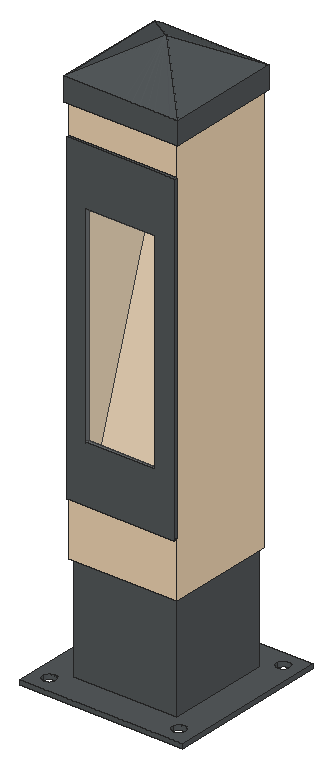
Revit family "Баум", category Осветительные приборы, Revit 2019 (continued)
Types (3, lengths in mm): name | Файл фотометрической сетки | built-in parameter 1150105 | Lumens | built-in parameter 1150106 | built-in parameter 1150142 | Wattage | h_столб низ | h_столб верх | ADSK_Фактическая мощность | ADSK_Размер_Высота | ADSK_Номинальная мощность | ADSK_Наименование | ADSK_Масса_Текст | ADSK_Масса | ADSK_Артикул
    84.3 502.3 504.1 498.6 495.7 486.9 487.1 481.7 477.0 470.0 460.8 458.6 450.7 449.2 441.7 437.9\r\n 431.6 427.6 422.5 414.0 405.0 399.0 392.9 386.3 379.5 371.8 360.8 352.0 347.0 337.9 326.5 316.8 308.5 295.8 278.9 254.2 223.3\r\n 196.0 174.0 155.8 138.2 126.4 112.3 98.9 89.2 75.1 66.1 53.2 40.4 29.7 21.7 11.2 2.9 0.4 0.4 0.4 0.4 0.4 0.4 0.4 0.4 0.4 0.4 0.4\r\n 0.4 0.4 0.4 0.4 0.4 0.4 0.4 0.4 0.4 0.4 0.4 0.4 0.4 0.4 0.4 0.4 0.4 0.4 0.4 0.4 0.4 0.4 0.4 0.4 0.4 0.4 0.4 0.4 0.4 0.4 0.4 0.4\r\n 0.4 0.4 0.4 0.4 0.4 0.4 0.4 0.4 0.4 0.4 0.4 0.4 0.4 0.4 0.4 0.4 0.4 0.4 0.4 0.4 0.4 0.4 0.4 0.4 0.4 0.4 0.4 0.4 0.4 0.4 0.4 0.4\r\n 0.4 0.4 0.4 0.4 0.4 0.4 0.4 0.4 0.4 0.2 0.2 0.2 0.0 0.0 0.0 0.0 0.0 0.0 0.0\r\n0.0 0.0 0.4 0.4 0.4 0.2 0.2 0.4 0.4 0.6 0.6 0.4 0.4 0.4 0.4 0.4 0.4 0.6 1.5 13.4 48.1 130.1 186.1 238.2 274.7 302.8 337.9 366.5\r\n 397.9 425.2 464.1 503.4 554.2 570.4 570.6 566.1 563.2 559.4 554.6 551.1 545.0 543.0 538.4 533.1 531.3 522.1 524.7 517.9 512.0\r\n 505.2 497.5 492.2 486.9 482.1 472.0 463.7 455.1 446.1 436.8 429.2 420.2 408.9 399.3 388.5 381.4 370.2 355.1 332.0 298.6 262.4\r\n 230.1 208.7 187.0 168.3 155.1 133.6 120.6 106.6 92.1 78.7 68.8 54.5 42.6 32.3 22.4 9.7 1.8 0.4 0.4 0.4 0.4 0.4 0.4 0.4 0.4 0.4\r\n 0.4 0.4 0.4 0.4 0.4 0.4 0.4 0.4 0.4 0.4 0.4 0.4 0.4 0.4 0.4 0.4 0.4 0.4 0.4 0.4 0.4 0.4 0.4 0.4 0.4 0.4 0.4 0.4 0.4 0.4 0.4 0.4\r\n 0.4 0.4 0.4 0.4 0.4 0.4 0.4 0.4 0.4 0.4 0.4 0.4 0.4 0.4 0.4 0.4 0.4 0.4 0.4 0.4 0.4 0.4 0.4 0.4 0.4 0.4 0.4 0.4 0.4 0.4 0.4 0.4\r\n 0.4 0.4 0.4 0.4 0.4 0.4 0.4 0.4 0.4 0.4 0.4 0.2 0.2 0.2 0.0 0.0 0.0 0.0 0.0 0.0 0.0\r\n0.0 0.0 0.4 0.4 0.4 0.2 0.2 0.4 0.4 0.6 0.6 0.4 0.4 0.4 0.4 0.4 0.4 1.5 11.2 58.4 134.9 213.2 265.2 303.0 338.0 368.3 407.6 450.0\r\n 488.9 523.4 579.0 604.3 619.2 619.7 615.1 605.1 607.1 603.2 600.5 601.8 598.4 595.0 588.9 583.2 579.4 580.1 572.6 569.6 562.7\r\n 554.4 552.6 543.4 536.2 526.0 517.0 512.2 501.9 492.0 483.6 472.2 461.0 451.3 441.9 430.9 418.2 399.5 374.0 330.7 283.4 250.7\r\n 233.6 208.7 193.4 174.7 157.5 142.0 128.5 111.4 95.6 83.5 64.6 49.7 37.8 29.4 17.8 4.8 0.4 0.4 0.4 0.4 0.4 0.4 0.4 0.4 0.4 0.4\r\n 0.4 0.4 0.4 0.4 0.4 0.4 0.4 0.4 0.4 0.4 0.4 0.4 0.4 0.4 0.4 0.4 0.4 0.4 0.4 0.4 0.4 0.4 0.4 0.4 0.4 0.4 0.4 0.4 0.4 0.4 0.4 0.4\r\n 0.4 0.4 0.4 0.4 0.4 0.4 0.4 0.4 0.4 0.4 0.4 0.4 0.4 0.4 0.4 0.4 0.4 0.4 0.4 0.4 0.4 0.4 0.4 0.4 0.4 0.4 0.4 0.4 0.4 0.4 0.4 0.4\r\n 0.4 0.4 0.4 0.4 0.4 0.4 0.4 0.4 0.4 0.4 0.4 0.2 0.2 0.2 0.0 0.0 0.0 0.0 0.0 0.0 0.0\r\n0.0 0.0 0.4 0.4 0.4 0.2 0.2 0.4 0.4 0.6 0.6 0.4 0.4 0.4 0.4 0.4 0.9 9.5 50.5 143.1 226.8 280.2 316.9 352.5 385.9 428.5 480.6 531.8\r\n 591.7 644.9 678.5 676.4 679.6 678.6 675.3 682.1 681.8 673.7 670.6 669.1 662.5 660.7 655.0 649.7 642.3 637.5 626.3 620.1 614.0\r\n 608.9 604.9 594.2 584.5 576.8 568.7 558.4 547.2 539.5 531.1 518.1 507.4 494.9 480.6 467.6 445.9 412.4 367.6 319.3 289.0 265.4\r\n 243.3 224.6 208.8 187.6 170.9 159.5 140.2 124.6 109.7 91.8 69.2 56.0 41.3 30.3 16.1 2.0 0.6 0.4 0.4 0.4 0.4 0.4 0.4 0.4 0.4 0.4\r\n 0.4 0.4 0.4 0.4 0.4 0.4 0.4 0.4 0.4 0.4 0.4 0.4 0.4 0.4 0.4 0.4 0.4 0.4 0.4 0.4 0.4 0.4 0.4 0.4 0.4 0.4 0.4 0.4 0.4 0.4 0.4 0.4\r\n 0.4 0.4 0.4 0.4 0.4 0.4 0.4 0.4 0.4 0.4 0.4 0.4 0.4 0.4 0.4 0.4 0.4 0.4 0.4 0.4 0.4 0.4 0.4 0.4 0.4 0.4 0.4 0.4 0.4 0.4 0.4 0.4\r\n 0.4 0.4 0.4 0.4 0.4 0.4 0.4 0.4 0.4 0.4 0.4 0.2 0.2 0.2 0.0 0.0 0.0 0.0 0.0 0.0 0.0\r\n0.0 0.0 0.6 0.4 0.4 0.2 0.2 0.4 0.4 0.6 0.6 0.6 0.4 0.4 0.4 0.6 5.7 38.9 123.3 218.2 287.9 337.7 372.2 412.7 465.9 519.5 579.2\r\n 645.2 717.0 731.7 742.7 743.1 741.6 738.7 733.2 735.9 726.4 726.7 721.8 711.9 704.5 694.4 691.5 688.7 688.0 675.3 670.2 659.0\r\n 653.5 649.1 636.3 629.6 625.2 614.0 607.6 597.5 590.0 577.0 564.9 553.3 541.2 527.2 511.3 484.5 445.2 396.8 350.5 323.5 299.7\r\n 272.7 253.6 238.0 215.8 195.6 182.6 164.8 142.4 127.2 110.5 90.1 69.5 54.0 39.8 24.8 9.5 0.9 0.4 0.4 0.4 0.4 0.4 0.4 0.4 0.4 0.4\r\n 0.4 0.4 0.4 0.4 0.4 0.4 0.4 0.4 0.4 0.4 0.4 0.4 0.4 0.4 0.4 0.4 0.4 0.4 0.4 0.4 0.4 0.4 0.4 0.4 0.4 0.4 0.4 0.4 0.4 0.4 0.4 0.4\r\n 0.4 0.4 0.4 0.4 0.4 0.4 0.4 0.4 0.4 0.4 0.4 0.4 0.4 0.4 0.4 0.4 0.4 0.4 0.4 0.4 0.4 0.4 0.4 0.4 0.4 0.4 0.4 0.4 0.4 0.4 0.4 0.4\r\n 0.4 0.4 0.4 0.4 0.4 0.4 0.4 0.4 0.4 0.4 0.4 0.4 0.2 0.2 0.2 0.0 0.0 0.0 0.0 0.0 0.0 0.0\r\n0.0 0.0 0.6 0.4 0.4 0.2 0.2 0.4 0.4 0.6 0.6 0.6 0.4 0.4 0.4 1.5 26.4 96.5 196.9 278.2 337.1 388.3 438.8 492.4 560.1 612.2 703.4\r\n 782.3 810.6 813.7 810.0 806.6 798.5 792.4 794.8 779.8 780.3 766.7 761.0 764.4 759.0 755.2 747.5 740.7 725.8 726.2 721.4 718.1\r\n 712.4 694.1 686.0 673.9 664.5 657.9 647.6 640.8 628.4 614.2 607.6 597.0 584.7 563.0 534.8 486.9 443.0 401.3 368.9 341.9 313.6\r\n 293.3 272.2 246.6 221.9 203.7 190.9 169.4 156.0 138.2 116.9 94.3 78.9 64.6 47.2 24.4 6.6 0.4 0.4 0.4 0.4 0.4 0.4 0.4 0.4 0.4 0.4\r\n 0.4 0.4 0.4 0.4 0.4 0.4 0.4 0.4 0.4 0.4 0.4 0.4 0.4 0.4 0.4 0.4 0.4 0.4 0.4 0.4 0.4 0.4 0.4 0.4 0.4 0.4 0.4 0.4 0.4 0.4 0.4 0.4\r\n 0.4 0.4 0.4 0.4 0.4 0.4 0.4 0.4 0.4 0.4 0.4 0.4 0.6 0.4 0.4 0.4 0.4 0.4 0.4 0.4 0.4 0.4 0.4 0.4 0.4 0.4 0.4 0.4 0.4 0.4 0.4 0.4\r\n 0.4 0.4 0.4 0.4 0.4 0.4 0.4 0.4 0.4 0.4 0.4 0.4 0.2 0.2 0.2 0.0 0.0 0.0 0.2 0.0 0.0 0.0\r\n0.0 0.0 0.6 0.4 0.4 0.4 0.2 0.4 0.4 0.6 0.6 0.6 0.6 0.4 0.7 7.7 71.0 168.5 261.7 326.3 385.6 438.8 507.2 586.5 653.5 749.1 831.1\r\n 867.8 870.6 868.6 867.5 860.3 855.7 855.0 846.9 843.4 835.0 831.9 830.4 822.2 821.8 815.2 810.8 801.8 794.8 787.1 784.0 766.0\r\n 759.2 756.1 747.7 743.1 733.5 718.8 707.5 691.1 680.3 672.0 662.3 646.0 626.9 602.1 552.8 502.7 455.7 425.0 405.8 371.6 341.7\r\n 324.3 294.0 270.5 250.7 228.3 205.7 183.1 169.2 146.6 123.1 101.7 82.2 68.8 44.6 18.0 2.7 0.6 0.4 0.4 0.4 0.4 0.4 0.4 0.4 0.4 0.4\r\n 0.4 0.4 0.4 0.4 0.4 0.4 0.4 0.4 0.4 0.4 0.4 0.4 0.4 0.4 0.4 0.4 0.4 0.4 0.4 0.4 0.4 0.4 0.4 0.4 0.4 0.4 0.4 0.4 0.4 0.4 0.4 0.4\r\n 0.4 0.4 0.4 0.4 0.4 0.4 0.4 0.4 0.4 0.4 0.4 0.4 0.4 0.6 0.4 0.4 0.4 0.4 0.4 0.4 0.4 0.4 0.4 0.4 0.4 0.4 0.4 0.4 0.4 0.4 0.4 0.4\r\n 0.4 0.4 0.4 0.4 0.4 0.4 0.4 0.4 0.4 0.4 0.4 0.4 0.2 0.2 0.2 0.0 0.0 0.0 0.2 0.0 0.0 0.0\r\n0.0 0.0 0.6 0.4 0.4 0.4 0.4 0.4 0.4 0.6 0.6 0.6 0.6 0.6 2.9 31.4 129.7 234.2 310.5 368.7 428.1 497.1 583.6 661.9 756.5 878.5 923.6\r\n 927.7 931.0 931.2 924.6 923.3 924.4 919.6 920.9 918.0 913.4 909.3 900.1 897.9 892.3 886.9 880.1 878.9 872.1 869.1 854.6 844.7\r\n 841.2 833.0 826.2 814.3 800.9 796.5 783.6 779.2 771.5 757.9 743.6 722.0 690.0 644.0 599.6 543.9 511.6 479.2 444.3 422.3 402.6\r\n 378.0 346.7 322.6 301.9 274.2 252.9 230.3 205.9 177.3 144.1 117.4 93.6 71.6 43.1 13.6 2.6 0.4 0.4 0.4 0.4 0.4 0.4 0.4 0.4 0.4 0.4\r\n 0.4 0.4 0.4 0.4 0.4 0.4 0.4 0.4 0.4 0.4 0.4 0.4 0.4 0.4 0.4 0.4 0.4 0.4 0.4 0.4 0.4 0.4 0.4 0.4 0.4 0.4 0.4 0.4 0.4 0.4 0.4 0.4\r\n 0.4 0.4 0.4 0.4 0.4 0.4 0.4 0.4 0.4 0.4 0.4 0.4 0.4 0.4 0.4 0.4 0.4 0.4 0.4 0.4 0.4 0.4 0.4 0.4 0.4 0.4 0.4 0.4 0.4 0.4 0.4 0.4\r\n 0.4 0.4 0.4 0.4 0.4 0.4 0.4 0.4 0.4 0.4 0.4 0.4 0.2 0.2 0.2 0.0 0.0 0.0 0.2 0.0 0.0 0.0\r\n0.0 0.0 0.6 0.4 0.4 0.4 0.4 0.4 0.4 0.6 0.6 0.6 0.6 0.6 9.9 77.3 191.6 284.8 349.4 411.1 478.4 562.7 648.2 736.1 859.4 928.4 945.7\r\n 944.0 945.3 942.0 939.4 940.2 938.5 932.4 924.4 922.2 921.8 917.2 920.2 915.7 908.8 899.4 899.0 889.7 889.0 874.3 874.1 874.8\r\n 864.9 849.9 840.7 836.5 821.8 811.3 806.0 793.0 781.4 766.6 747.8 718.3 674.4 618.5 567.6 534.8 503.2 477.7 446.7 422.1 400.2\r\n 366.5 341.3 325.6 299.9 270.5 250.7 229.9 196.2 168.3 138.0 117.3 100.7 70.1 37.2 4.8 0.6 0.4 0.4 0.4 0.4 0.4 0.4 0.4 0.4 0.4 0.4\r\n 0.4 0.4 0.4 0.4 0.4 0.4 0.4 0.4 0.4 0.4 0.4 0.4 0.4 0.4 0.4 0.4 0.4 0.4 0.4 0.4 0.4 0.4 0.4 0.4 0.4 0.4 0.4 0.4 0.4 0.4 0.4 0.4\r\n 0.4 0.4 0.4 0.4 0.4 0.4 0.4 0.4 0.4 0.4 0.4 0.4 0.4 0.4 0.4 0.4 0.4 0.4 0.4 0.4 0.4 0.4 0.4 0.4 0.4 0.4 0.4 0.4 0.4 0.4 0.4 0.4\r\n 0.4 0.4 0.4 0.4 0.4 0.4 0.4 0.4 0.4 0.4 0.4 0.4 0.2 0.2 0.2 0.0 0.0 0.0 0.2 0.0 0.0 0.0\r\n0.0 0.0 0.6 0.4 0.6 0.4 0.4 0.4 0.4 0.6 0.6 0.6 0.6 0.9 27.2 128.6 246.5 325.4 386.1 453.3 535.1 622.3 701.4 825.3 937.4 953.7\r\n 953.7 957.2 957.0 949.0 950.6 949.0 945.3 944.7 942.7 941.4 939.8 940.3 932.1 922.7 922.2 919.1 908.8 902.9 895.4 903.3 891.9\r\n 875.0 873.0 867.8 856.1 843.8 839.0 828.4 819.2 809.7 793.5 771.5 744.5 699.9 648.0 599.6 561.9 535.5 501.0 470.2 450.3 429.8\r\n 398.0 372.0 349.8 330.9 304.3 272.7 255.5 228.3 193.4 164.1 139.8 118.4 94.3 62.2 30.1 6.6 0.6 0.4 0.4 0.4 0.4 0.4 0.4 0.4 0.4\r\n 0.4 0.4 0.4 0.4 0.4 0.4 0.4 0.4 0.4 0.4 0.4 0.4 0.4 0.4 0.4 0.4 0.4 0.4 0.4 0.4 0.4 0.4 0.4 0.4 0.4 0.4 0.4 0.4 0.4 0.4 0.4 0.4\r\n 0.4 0.4 0.4 0.4 0.4 0.4 0.4 0.4 0.4 0.4 0.4 0.4 0.4 0.4 0.4 0.4 0.4 0.4 0.4 0.4 0.4 0.4 0.4 0.4 0.4 0.4 0.4 0.4 0.4 0.4 0.4 0.4\r\n 0.4 0.4 0.4 0.4 0.4 0.4 0.4 0.4 0.4 0.4 0.4 0.4 0.4 0.4 0.2 0.2 0.2 0.0 0.0 0.0 0.2 0.0 0.0 0.0\r\n0.0 0.0 0.6 0.4 0.6 0.4 0.4 0.4 0.4 0.6 0.6 0.6 0.6 2.6 60.7 176.5 282.4 354.7 419.0 492.9 581.7 661.8 759.2 896.5 950.3 956.9\r\n 954.7 953.9 956.1 952.3 956.1 953.9 951.0 952.5 954.3 949.9 947.1 946.2 941.8 939.1 934.7 926.6 920.9 918.3 912.3 897.8 894.5\r\n 889.0 879.4 867.3 864.2 861.2 849.3 839.0 826.4 813.5 795.9 771.9 720.3 668.4 619.2 579.5 554.8 520.3 490.9 467.2 449.6 417.1\r\n 383.9 368.0 349.1 316.0 289.2 269.0 247.0 218.8 190.7 159.1 133.0 117.1 82.4 47.9 17.8 2.6 0.4 0.4 0.4 0.4 0.4 0.4 0.4 0.4 0.4\r\n 0.4 0.4 0.4 0.4 0.4 0.4 0.4 0.4 0.4 0.4 0.4 0.4 0.4 0.4 0.4 0.4 0.4 0.4 0.4 0.4 0.4 0.4 0.4 0.4 0.4 0.4 0.4 0.4 0.4 0.4 0.4 0.4\r\n 0.4 0.4 0.4 0.4 0.4 0.4 0.4 0.4 0.4 0.4 0.4 0.4 0.4 0.4 0.4 0.4 0.4 0.4 0.4 0.4 0.4 0.4 0.4 0.4 0.4 0.4 0.4 0.4 0.4 0.4 0.4 0.4\r\n 0.4 0.4 0.4 0.4 0.4 0.4 0.4 0.4 0.4 0.4 0.4 0.4 0.4 0.4 0.2 0.2 0.2 0.0 0.0 0.0 0.2 0.0 0.0 0.0\r\n0.0 0.0 0.6 0.4 0.6 0.4 0.4 0.4 0.4 0.6 0.6 0.6 0.6 8.8 104.6 223.7 308.9 376.2 448.7 528.9 612.9 704.3 829.1 935.2 951.4 953.9\r\n 958.5 961.4 963.3 964.4 962.2 961.1 960.2 961.3 953.7 957.4 953.4 950.1 944.9 938.5 934.5 934.8 935.2 927.9 919.6 916.3 904.7\r\n 893.7 893.2 891.2 878.5 866.6 855.0 841.8 831.3 818.5 799.2 762.0 717.6 664.7 616.6 583.0 548.0 521.4 497.9 477.9 455.7 423.2\r\n 394.2 375.3 356.0 319.5 295.6 278.2 252.2 218.6 188.7 156.2 135.1 114.9 88.1 48.6 15.6 1.3 0.4 0.4 0.4 0.4 0.4 0.4 0.4 0.4 0.4\r\n 0.4 0.4 0.4 0.4 0.4 0.4 0.4 0.4 0.4 0.4 0.4 0.4 0.4 0.4 0.4 0.4 0.4 0.4 0.4 0.4 0.4 0.4 0.4 0.4 0.4 0.4 0.4 0.4 0.4 0.4 0.4 0.4\r\n 0.4 0.4 0.4 0.4 0.4 0.4 0.4 0.4 0.4 0.4 0.4 0.4 0.4 0.4 0.4 0.4 0.4 0.4 0.4 0.4 0.4 0.4 0.4 0.4 0.4 0.4 0.4 0.4 0.4 0.4 0.4 0.4\r\n 0.4 0.4 0.4 0.4 0.4 0.4 0.4 0.4 0.4 0.4 0.4 0.4 0.4 0.4 0.2 0.2 0.2 0.0 0.0 0.0 0.2 0.0 0.0 0.0\r\n0.0 0.0 0.6 0.4 0.6 0.4 0.4 0.4 0.4 0.6 0.6 0.6 0.6 25.3 144.1 260.2 336.4 405.6 479.2 562.1 645.4 764.0 896.7 951.9 957.8 958.7\r\n 965.3 965.9 963.5 967.7 961.3 964.0 964.6 960.7 965.5 959.2 954.5 948.2 946.0 942.7 945.5 937.8 926.6 928.0 922.2 914.1 918.0\r\n 909.9 895.7 883.6 877.6 866.7 860.7 857.0 848.8 829.7 793.9 732.6 678.1 632.6 599.0 574.6 545.6 512.4 491.6 475.9 440.8 410.5\r\n 395.5 372.4 342.8 315.3 297.1 278.2 244.3 217.8 182.2 151.0 132.1 100.6 65.3 31.6 8.3 0.9 0.4 0.4 0.4 0.4 0.4 0.4 0.4 0.4 0.4 0.4\r\n 0.4 0.4 0.4 0.4 0.4 0.4 0.4 0.4 0.4 0.4 0.4 0.4 0.4 0.4 0.4 0.4 0.4 0.4 0.4 0.4 0.4 0.4 0.4 0.4 0.4 0.4 0.4 0.4 0.4 0.4 0.4 0.4\r\n 0.4 0.4 0.4 0.4 0.4 0.4 0.4 0.4 0.4 0.4 0.4 0.4 0.4 0.4 0.4 0.4 0.4 0.4 0.4 0.4 0.4 0.4 0.4 0.4 0.4 0.4 0.4 0.4 0.4 0.4 0.4 0.4\r\n 0.4 0.4 0.4 0.4 0.4 0.4 0.4 0.6 0.6 0.4 0.4 0.4 0.4 0.2 0.2 0.2 0.0 0.2 0.2 0.2 0.0 0.0 0.0\r\n0.0 0.0 0.6 0.4 0.6 0.4 0.4 0.4 0.6 0.6 0.6 0.6 0.9 50.8 180.0 287.6 367.2 441.9 517.0 600.1 692.8 828.9 944.4 965.7 971.7 975.4\r\n 972.8 973.9 971.4 970.1 973.2 973.0 972.3 968.1 958.1 961.8 966.4 966.8 961.8 959.1 953.6 958.7 947.7 935.9 929.3 926.9 917.0\r\n 902.7 900.5 894.5 887.1 883.8 871.0 854.5 840.5 806.9 767.5 721.4 670.9 629.6 598.4 565.0 537.3 515.1 499.0 474.6 438.6 408.1\r\n 389.6 371.1 334.7 309.8 294.0 265.0 238.8 205.4 174.7 148.8 133.2 109.7 73.4 31.9 4.2 0.4 0.4 0.4 0.4 0.4 0.4 0.4 0.4 0.4 0.4 0.4\r\n 0.4 0.4 0.4 0.4 0.4 0.4 0.4 0.4 0.4 0.4 0.4 0.4 0.4 0.4 0.4 0.4 0.4 0.4 0.4 0.4 0.4 0.4 0.4 0.4 0.4 0.4 0.4 0.4 0.4 0.4 0.4 0.4\r\n 0.4 0.4 0.4 0.4 0.4 0.4 0.4 0.4 0.4 0.4 0.4 0.4 0.4 0.4 0.4 0.4 0.4 0.4 0.4 0.4 0.4 0.4 0.4 0.4 0.4 0.4 0.4 0.4 0.4 0.4 0.4 0.4\r\n 0.4 0.4 0.4 0.4 0.4 0.4 0.4 0.6 0.6 0.4 0.4 0.4 0.4 0.2 0.2 0.2 0.0 0.2 0.2 0.2 0.0 0.0 0.0\r\n0.0 0.0 0.6 0.4 0.6 0.4 0.4 0.4 0.6 0.6 0.6 0.6 1.6 79.3 212.7 311.8 393.3 466.5 547.4 642.9 749.7 896.1 974.8 982.2 982.4 983.7\r\n 981.1 976.7 976.3 978.1 974.7 971.0 965.3 969.3 975.9 971.7 971.9 970.1 958.7 958.1 951.0 941.1 935.4 933.2 929.5 928.4 917.6\r\n 913.9 910.2 901.4 891.5 878.1 875.0 864.0 844.5 811.1 757.2 703.4 652.0 620.7 598.1 565.2 535.1 510.7 486.3 453.7 423.0 409.4\r\n 393.1 365.9 331.3 315.1 301.5 266.3 232.3 197.5 165.2 146.6 122.0 90.3 55.4 20.5 1.6 0.4 0.4 0.4 0.4 0.4 0.4 0.4 0.4 0.4 0.4 0.4\r\n 0.4 0.4 0.4 0.4 0.4 0.4 0.4 0.4 0.4 0.4 0.4 0.4 0.4 0.4 0.4 0.4 0.4 0.4 0.4 0.4 0.4 0.4 0.4 0.4 0.4 0.4 0.4 0.4 0.4 0.4 0.4 0.4\r\n 0.4 0.4 0.4 0.4 0.4 0.4 0.4 0.4 0.4 0.4 0.4 0.4 0.4 0.4 0.4 0.4 0.4 0.4 0.4 0.4 0.4 0.4 0.6 0.4 0.4 0.4 0.4 0.4 0.4 0.4 0.4 0.4\r\n 0.4 0.4 0.4 0.4 0.6 0.6 0.4 0.6 0.6 0.4 0.4 0.4 0.4 0.2 0.2 0.2 0.2 0.2 0.2 0.2 0.0 0.0 0.0\r\n0.0 0.0 0.6 0.4 0.6 0.4 0.4 0.4 0.6 0.6 0.6 0.6 3.7 111.8 239.3 330.0 406.9 474.8 565.6 662.7 793.0 947.5 986.6 986.0 985.7 982.2\r\n 977.2 979.6 978.7 978.1 975.2 972.1 977.8 974.1 971.5 964.7 954.3 955.6 951.9 951.0 949.5 943.3 944.4 937.4 928.6 925.1 921.1\r\n 915.2 907.9 901.8 899.4 891.2 880.7 861.6 827.8 792.4 743.2 687.3 645.4 613.3 590.9 553.9 526.9 516.8 490.2 454.0 428.9 412.7\r\n 391.1 361.0 336.9 318.0 298.6 261.5 229.9 193.4 165.7 149.2 121.7 92.3 57.4 21.7 2.7 0.4 0.4 0.4 0.4 0.4 0.4 0.4 0.4 0.4 0.4 0.4\r\n 0.4 0.4 0.4 0.4 0.4 0.4 0.4 0.4 0.4 0.4 0.4 0.4 0.4 0.4 0.4 0.4 0.4 0.4 0.4 0.4 0.4 0.4 0.4 0.4 0.4 0.4 0.4 0.4 0.4 0.4 0.4 0.4\r\n 0.4 0.4 0.4 0.4 0.4 0.4 0.4 0.4 0.4 0.4 0.4 0.4 0.4 0.4 0.4 0.4 0.4 0.4 0.4 0.4 0.4 0.4 0.6 0.4 0.4 0.4 0.4 0.4 0.6 0.6 0.4 0.6\r\n 0.6 0.6 0.6 0.6 0.6 0.4 0.4 0.6 0.6 0.4 0.4 0.4 0.4 0.4 0.2 0.2 0.2 0.2 0.2 0.2 0.0 0.0 0.0\r\n0.0 0.0 0.6 0.4 0.6 0.4 0.4 0.4 0.6 0.6 0.6 0.6 8.4 144.8 262.1 341.2 410.2 481.0 583.8 679.4 840.7 966.6 983.3 979.8 978.7 977.4\r\n 981.4 981.4 981.3 978.3 983.3 982.9 983.1 982.6 975.6 977.6 974.7 963.1 959.1 958.7 949.0 945.1 940.3 938.3 936.7 930.8 925.7\r\n 918.0 909.3 904.9 898.5 892.3 879.4 864.5 826.9 773.9 717.9 670.9 640.3 622.3 584.3 555.9 534.6 508.5 483.9 447.0 432.2 420.1\r\n 385.8 352.9 330.3 316.8 285.7 252.7 224.4 190.1 168.1 153.4 122.8 79.3 36.5 9.7 1.6 0.4 0.4 0.4 0.4 0.4 0.4 0.4 0.4 0.4 0.4 0.4\r\n 0.4 0.4 0.4 0.4 0.4 0.4 0.4 0.4 0.4 0.4 0.4 0.4 0.4 0.4 0.4 0.4 0.4 0.4 0.4 0.4 0.4 0.4 0.4 0.4 0.4 0.4 0.4 0.4 0.4 0.4 0.4 0.4\r\n 0.4 0.4 0.4 0.4 0.4 0.4 0.4 0.4 0.4 0.4 0.4 0.4 0.4 0.4 0.4 0.4 0.4 0.4 0.4 0.4 0.4 0.6 0.6 0.6 0.4 0.6 0.4 0.6 0.6 0.6 0.6 0.6\r\n 0.6 0.6 0.6 0.6 0.6 0.6 0.4 0.6 0.6 0.6 0.6 0.4 0.4 0.4 0.2 0.2 0.2 0.2 0.2 0.2 0.0 0.0 0.0\r\n0.0 0.0 0.6 0.4 0.6 0.4 0.4 0.4 0.6 0.7 0.6 0.7 19.4 167.4 280.4 354.7 422.8 502.7 609.5 710.2 887.3 967.1 971.0 971.5 975.4 976.5\r\n 984.2 984.6 987.0 984.9 982.6 981.6 977.0 976.1 973.6 971.0 971.5 969.0 965.9 962.7 963.6 958.7 949.3 940.2 939.1 932.1 926.0\r\n 922.7 918.9 914.5 903.8 891.7 875.7 854.5 813.5 768.0 718.3 666.0 633.0 606.9 574.4 546.1 533.3 515.9 484.1 451.4 430.0 411.3\r\n 384.5 358.6 333.8 315.1 285.0 254.4 227.6 189.2 167.2 145.7 114.0 81.7 42.6 10.5 0.9 0.4 0.4 0.4 0.4 0.4 0.4 0.4 0.4 0.4 0.4 0.4\r\n 0.4 0.4 0.4 0.4 0.4 0.4 0.4 0.4 0.4 0.4 0.4 0.4 0.4 0.4 0.4 0.4 0.4 0.4 0.4 0.4 0.4 0.4 0.4 0.4 0.4 0.4 0.4 0.4 0.4 0.4 0.4 0.4\r\n 0.4 0.4 0.4 0.4 0.4 0.4 0.4 0.4 0.4 0.4 0.4 0.4 0.4 0.4 0.4 0.4 0.4 0.6 0.6 0.6 0.4 0.6 0.6 0.6 0.6 0.6 0.6 0.6 0.6 0.6 0.6 0.6\r\n 0.6 0.6 0.6 0.6 0.6 0.6 0.6 0.6 0.6 0.6 0.6 0.4 0.4 0.4 0.2 0.2 0.2 0.2 0.2 0.2 0.0 0.0 0.0\r\n0.0 0.0 0.6 0.4 0.6 0.4 0.4 0.4 0.6 0.7 0.6 0.7 35.8 179.7 292.2 373.1 450.9 541.7 642.3 741.4 911.9 964.7 962.4 965.1 970.4 974.8\r\n 978.9 981.4 984.8 988.2 987.7 989.5 987.7 992.3 992.1 984.6 980.0 976.7 975.2 965.5 967.0 962.4 957.6 957.0 954.1 944.4 942.7\r\n 935.6 914.6 908.6 906.2 895.6 882.3 855.9 808.6 750.0 696.6 665.8 635.7 606.0 570.4 547.1 533.1 499.3 471.3 446.7 432.9 409.8\r\n 373.5 345.6 328.9 309.8 276.4 246.1 212.3 186.8 167.0 144.2 110.5 70.3 32.1 7.2 1.1 0.4 0.4 0.4 0.4 0.4 0.4 0.4 0.4 0.4 0.4 0.4\r\n 0.4 0.4 0.4 0.4 0.
    4 0.4 0.4 0.4 0.4 0.4 0.4 0.4 0.4 0.4 0.4 0.4 0.4 0.4 0.4 0.4 0.4 0.4 0.4 0.4 0.4 0.4 0.4 0.4 0.4 0.4 0.4 0.4\r\n 0.4 0.4 0.4 0.4 0.4 0.6 0.4 0.4 0.6 0.4 0.4 0.4 0.6 0.4 0.6 0.4 0.6 0.6 0.6 0.6 0.6 0.6 0.6 0.6 0.6 0.6 0.6 0.6 0.6 0.6 0.6 0.6\r\n 0.6 0.6 0.6 0.6 0.6 0.6 0.6 0.6 0.6 0.6 0.6 0.6 0.6 0.4 0.2 0.2 0.2 0.2 0.2 0.2 0.0 0.0 0.0\r\n0.0 0.0 0.6 0.4 0.6 0.4 0.4 0.4 0.6 0.7 0.6 0.7 49.7 190.3 298.8 386.1 468.9 567.6 668.6 781.4 936.5 971.0 972.8 975.8 981.1 980.9\r\n 982.2 988.2 980.0 991.5 990.1 987.9 992.3 984.2 983.7 985.1 982.7 974.7 974.1 972.8 966.0 961.8 963.6 958.7 957.0 945.8 942.0\r\n 941.1 933.9 930.2 921.8 911.7 900.9 859.6 813.9 761.2 708.6 666.5 642.3 610.7 575.1 550.6 534.8 508.0 474.8 448.9 432.4 410.7\r\n 379.5 356.0 340.6 318.6 279.5 250.7 214.3 179.7 160.4 137.5 109.9 69.9 31.6 5.3 0.6 0.6 0.4 0.4 0.4 0.6 0.4 0.4 0.6 0.6 0.4 0.4\r\n 0.4 0.4 0.4 0.4 0.4 0.4 0.4 0.4 0.4 0.4 0.6 0.4 0.4 0.4 0.4 0.4 0.6 0.4 0.4 0.4 0.4 0.6 0.6 0.6 0.6 0.4 0.4 0.6 0.4 0.6 0.6 0.6\r\n 0.6 0.6 0.6 0.6 0.6 0.6 0.6 0.6 0.6 0.6 0.6 0.6 0.6 0.6 0.6 0.6 0.6 0.6 0.6 0.6 0.6 0.6 0.6 0.6 0.6 0.6 0.6 0.6 0.6 0.6 0.6 0.6\r\n 0.6 0.6 0.6 0.6 0.6 0.6 0.6 0.6 0.6 0.6 0.6 0.6 0.6 0.4 0.2 0.2 0.2 0.2 0.2 0.2 0.0 0.0 0.0\r\n0.0 0.0 0.6 0.4 0.6 0.4 0.4 0.4 0.6 0.7 0.6 1.1 57.6 201.0 305.0 389.2 466.7 567.3 665.4 799.4 942.0 982.4 985.9 990.1 985.5 991.7\r\n 990.1 990.1 990.3 989.9 986.0 988.8 987.1 987.5 985.5 984.0 989.3 993.0 988.1 987.7 988.4 986.6 977.2 964.4 955.6 950.6 949.0\r\n 942.9 932.8 928.8 925.5 915.7 889.0 851.3 792.2 736.6 690.9 657.5 637.4 600.3 561.7 547.8 532.6 504.1 475.5 454.0 437.5 409.4\r\n 373.6 349.8 334.0 306.8 270.0 241.9 205.9 180.8 163.0 139.8 102.8 65.3 30.1 4.6 0.6 0.6 0.6 0.6 0.6 0.6 0.6 0.6 0.6 0.6 0.6 0.6\r\n 0.6 0.6 0.6 0.6 0.6 0.6 0.6 0.6 0.6 0.6 0.6 0.6 0.6 0.6 0.6 0.6 0.6 0.6 0.6 0.6 0.6 0.6 0.6 0.6 0.6 0.6 0.6 0.6 0.6 0.6 0.6 0.6\r\n 0.6 0.6 0.6 0.6 0.6 0.6 0.6 0.6 0.6 0.6 0.6 0.6 0.6 0.6 0.6 0.6 0.6 0.6 0.6 0.6 0.6 0.6 0.6 0.6 0.6 0.6 0.6 0.6 0.6 0.6 0.6 0.6\r\n 0.6 0.6 0.6 0.6 0.6 0.6 0.6 0.6 0.6 0.6 0.6 0.6 0.6 0.4 0.2 0.2 0.2 0.2 0.2 0.2 0.0 0.0 0.0\r\n0.0 0.0 0.6 0.4 0.6 0.4 0.4 0.4 0.6 0.7 0.6 1.3 64.8 209.8 310.9 387.8 460.1 557.7 651.3 800.1 944.0 985.7 992.5 997.0 993.4 998.5\r\n 994.1 992.8 993.7 989.9 995.9 992.8 991.2 995.2 995.8 991.5 985.9 985.1 986.0 986.0 982.7 976.9 967.9 968.4 970.4 967.5 957.0\r\n 955.9 949.9 936.5 921.4 910.1 887.1 839.6 789.5 740.1 688.6 653.9 629.6 603.2 576.1 557.3 534.8 493.5 461.2 447.6 430.0 405.8\r\n 374.4 352.7 340.4 316.8 278.6 249.0 210.9 183.1 161.3 131.9 99.6 66.4 21.8 3.5 0.6 0.6 0.6 0.6 0.6 0.6 0.6 0.6 0.6 0.6 0.6 0.6\r\n 0.6 0.6 0.6 0.6 0.6 0.6 0.6 0.6 0.6 0.6 0.6 0.6 0.6 0.6 0.6 0.6 0.6 0.6 0.6 0.6 0.6 0.6 0.6 0.6 0.6 0.6 0.6 0.6 0.6 0.6 0.6 0.6\r\n 0.6 0.6 0.6 0.6 0.6 0.6 0.6 0.6 0.6 0.6 0.6 0.6 0.6 0.6 0.6 0.6 0.6 0.6 0.6 0.6 0.6 0.6 0.6 0.6 0.6 0.6 0.6 0.6 0.6 0.6 0.6 0.6\r\n 0.6 0.6 0.6 0.6 0.6 0.6 0.7 0.6 0.6 0.6 0.6 0.6 0.6 0.4 0.2 0.2 0.2 0.2 0.2 0.2 0.0 0.0 0.0\r\n0.0 0.0 0.6 0.4 0.6 0.4 0.4 0.4 0.6 0.7 0.6 1.3 73.4 214.0 312.7 388.7 463.9 564.1 655.5 805.6 944.2 979.8 989.2 992.6 993.7 991.4\r\n 991.9 996.3 995.8 994.1 988.1 987.9 986.8 986.2 988.8 995.2 987.1 986.4 987.3 980.0 974.7 972.8 973.4 969.7 963.3 965.3 961.1\r\n 951.4 940.7 930.6 920.9 906.9 877.9 833.2 783.4 725.8 684.3 657.2 627.4 593.1 568.2 550.0 528.9 496.6 463.0 447.6 429.6 400.6\r\n 372.5 355.8 337.9 309.2 270.7 239.9 200.6 172.7 158.9 136.7 100.0 52.8 22.9 5.0 0.7 0.6 0.6 0.6 0.6 0.6 0.6 0.6 0.6 0.6 0.6 0.6\r\n 0.6 0.6 0.6 0.6 0.6 0.6 0.6 0.6 0.6 0.6 0.6 0.6 0.6 0.6 0.6 0.6 0.6 0.6 0.6 0.6 0.6 0.6 0.6 0.6 0.6 0.6 0.6 0.6 0.6 0.6 0.6 0.6\r\n 0.6 0.6 0.6 0.7 0.6 0.6 0.6 0.6 0.6 0.6 0.6 0.6 0.6 0.6 0.7 0.7 0.6 0.7 0.7 0.7 0.6 0.7 0.7 0.7 0.7 0.6 0.6 0.6 0.7 0.7 0.7 0.6\r\n 0.6 0.7 0.6 0.6 0.6 0.6 0.7 0.6 0.6 0.6 0.6 0.6 0.6 0.4 0.2 0.2 0.2 0.2 0.2 0.2 0.0 0.0 0.0\r\n0.0 0.0 0.6 0.4 0.6 0.4 0.4 0.4 0.6 0.7 0.6 1.1 77.4 214.9 313.3 393.1 474.8 586.5 677.7 827.7 954.3 978.1 983.5 986.0 987.5 989.0\r\n 991.5 992.3 993.4 990.1 989.3 993.0 987.0 987.5 987.3 980.7 984.0 984.0 983.7 980.3 981.1 980.9 974.7 966.0 961.3 951.7 940.3\r\n 937.0 932.1 932.3 925.1 911.5 879.2 838.3 782.3 731.3 688.4 657.9 632.2 603.0 567.4 549.3 530.7 497.9 469.1 454.6 434.2 402.4\r\n 366.9 346.5 325.6 308.3 268.5 244.4 206.5 182.8 163.9 131.8 100.7 62.0 28.3 4.0 0.7 0.6 0.6 0.6 0.6 0.6 0.6 0.6 0.6 0.6 0.6 0.6\r\n 0.6 0.6 0.6 0.6 0.6 0.6 0.6 0.6 0.6 0.6 0.6 0.6 0.6 0.6 0.6 0.6 0.6 0.6 0.6 0.6 0.7 0.6 0.6 0.6 0.6 0.6 0.6 0.6 0.6 0.6 0.6 0.6\r\n 0.6 0.6 0.6 0.6 0.6 0.6 0.7 0.6 0.6 0.6 0.6 0.6 0.6 0.6 0.6 0.6 0.6 0.7 0.6 0.7 0.6 0.6 0.7 0.7 0.6 0.6 0.6 0.6 0.7 0.7 0.7 0.6\r\n 0.7 0.6 0.7 0.6 0.6 0.6 0.6 0.6 0.6 0.6 0.6 0.6 0.6 0.4 0.2 0.2 0.2 0.2 0.2 0.2 0.0 0.0 0.0\r\n" | 4.03926 W | 202 | 800 | 6 W | 1000 | 6 W | "ДТУ962 Светодиодный светильник Баум ДТУ-96-AF-6Вт-1.0" | "11" | 11 | "ДТУ962"
